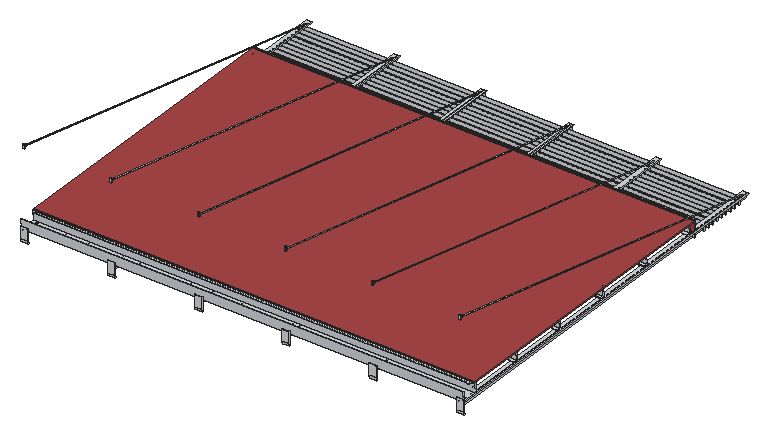
Revit family "GEN_A3-Gate-Canopy", category Specialty Equipment, host Wall, Revit 2015
Parameters (values of type "Gate Canopy")
  Width = 5000 mm
  Louvre Angle = -55.00°
  Length = 6000 mm
  Head Height = 2635 mm
  Assembly Code = ""
  Array = (Width - 200 mm) / 100 mm  # 48
Reference planes
  plane 1 "Wall": y = 0
  plane 2 "Center (Left/Right)": x = -268.2
  plane 3 "Back": y = 230
  plane 4 "right": x = 2131.8
  plane 5 "Left": x = -3868.2
  plane 6 "Extent": y = 5230
  plane 7 "top": z = 2635
  plane 8: y = 4980
  plane 9: y = 4905
  plane 10: y = 4830
  plane 11: y = 4755
  plane 12: y = 4680
  plane 13: y = 4605
  plane 14: y = -35
  plane 15: x = -3918.2
  plane 16: y = 5055
  plane 17 "Top of beam": through (-3919.748, 9.088, 2572.972) normal (0, -0.0872, 0.9962)
  plane 18: z = 2597.5
  plane 19 "Top of purlin": through (-3919.748, 1.23, 2702.781) normal (0, -0.0872, 0.9962)
  plane 20: z = 2562.5
  plane 21: y = 4530
  plane 22: y = 4455
  plane 23: y = 4380
  plane 24: y = 4215
  plane 25: through (0, -1683.212, -1090.546) normal (0, -0.9962, -0.0872)
  plane 26: through (0, -1698.155, -1091.853) normal (0, -0.9962, -0.0872)
  plane 27: through (0, -1668.269, -1089.239) normal (0, -0.9962, -0.0872)
  plane 28: through (0, -1870.601, 1911.847) normal (0, 0.0872, -0.9962)
  plane 29: z = 3635
  plane 30: y = 1040
  plane 31 "1": x = -2668.2
  plane 32 "2": x = -1468.2
  plane 33 "3": x = 931.8
  plane 34: through (-496.4, -1666.298, -1117.805) normal (0, 0.9958, 0.0913)
  plane 35: through (-496.4, -1681.235, -1119.173) normal (0, 0.9958, 0.0913)
  plane 36: through (-496.4, -1651.361, -1116.436) normal (0, 0.9958, 0.0913)
  plane 37: through (-496.4, -1866.039, 1883.792) normal (0, -0.0913, 0.9958)
  plane 38: through (-1521.6, -1666.298, -1117.805) normal (0, -0.9958, -0.0913)
  plane 39: through (-1521.6, -1681.235, -1119.173) normal (0, -0.9958, -0.0913)
  plane 40: through (-1521.6, -1651.361, -1116.436) normal (0, -0.9958, -0.0913)
  plane 41: through (-1521.6, -1866.039, 1883.792) normal (0, 0.0913, -0.9958)
  plane 42: through (-1978, -1683.212, -1090.546) normal (0, 0.9962, 0.0872)
  plane 43: through (-1978, -1698.155, -1091.853) normal (0, 0.9962, 0.0872)
  plane 44: through (-1978, -1668.269, -1089.239) normal (0, 0.9962, 0.0872)
  plane 45: through (-1978, -1870.601, 1911.847) normal (0, -0.0872, 0.9962)
  plane 46: through (2466.8, -1683.205, -1090.54) normal (0, 0.9962, 0.0872)
  plane 47: through (2466.8, -1698.148, -1091.847) normal (0, 0.9962, 0.0872)
  plane 48: through (2466.8, -1668.262, -1089.233) normal (0, 0.9962, 0.0872)
  plane 49: through (2466.8, -1870.591, 1911.853) normal (0, -0.0872, 0.9962)
  plane 50: through (985.2, -1683.205, -1090.54) normal (0, 0.9962, 0.0872)
  plane 51: through (985.2, -1698.148, -1091.847) normal (0, 0.9962, 0.0872)
  plane 52: through (985.2, -1668.262, -1089.233) normal (0, 0.9962, 0.0872)
  plane 53: through (985.2, -1870.591, 1911.853) normal (0, -0.0872, 0.9962)
  plane 54: y = 891
  plane 55: y = 1552
  plane 56: y = 2213
  plane 57: y = 2874
  plane 58: y = 4196
  plane 59: y = 3535
  plane 60: y = 4857
  plane 61: y = 5518
  plane 62: y = 6179
  plane 63: y = 6840
  plane 64: through (0, 149.394, 2569.186) normal (0, -0.0872, 0.9962)
  plane 65: through (0, 153.665, 2520.372) normal (0, -0.0872, 0.9962)
  plane 66: through (0, 74.394, 2562.624) normal (0, -0.0872, 0.9962)
  plane 67: through (0, 78.665, 2513.81) normal (0, -0.0872, 0.9962)
  plane 68: through (0, -0.606, 2556.062) normal (0, -0.0872, 0.9962)
  plane 69: through (0, 3.665, 2507.249) normal (0, -0.0872, 0.9962)
  plane 70: through (0, -75.606, 2549.501) normal (0, -0.0872, 0.9962)
  plane 71: through (0, -71.335, 2500.687) normal (0, -0.0872, 0.9962)
  plane 72: through (0, -150.606, 2542.939) normal (0, -0.0872, 0.9962)
  plane 73: through (0, -146.335, 2494.126) normal (0, -0.0872, 0.9962)
  plane 74: through (0, -225.606, 2536.377) normal (0, -0.0872, 0.9962)
  plane 75: through (0, -221.335, 2487.564) normal (0, -0.0872, 0.9962)
  plane 76: through (0, -300.606, 2529.816) normal (0, -0.0872, 0.9962)
  plane 77: through (0, -296.335, 2481.002) normal (0, -0.0872, 0.9962)
  plane 78: through (0, -375.606, 2523.254) normal (0, -0.0872, 0.9962)
  plane 79: through (0, -371.335, 2474.441) normal (0, -0.0872, 0.9962)
  plane 80: through (0, -450.606, 2516.692) normal (0, -0.0872, 0.9962)
  plane 81: through (0, -446.335, 2467.879) normal (0, -0.0872, 0.9962)
  plane 82: through (0, -600.606, 2503.569) normal (0, -0.0872, 0.9962)
  plane 83: through (0, -596.335, 2454.756) normal (0, -0.0872, 0.9962)
  plane 84: through (0, -525.606, 2510.131) normal (0, -0.0872, 0.9962)
  plane 85: through (0, -521.335, 2461.317) normal (0, -0.0872, 0.9962)
Forms (mm)
  Extrusion 1, solid
    sketch origin (521.8, 0, -82.5) x (0, -1, 0) y (0, 0, 1)
      loop
        line (-238, 2715.621) -> (-238, 2563.2) -> (-243.93, 2529.567) -> (-235.807, 2529.567) -> (-230, 2562.5) -> (-230, 2715.621) -> (-238, 2715.621)
    from -1660 to -1560
  Extrusion 2, solid
    sketch origin (2266.752, 230, -82.5) x (-1, 0, 0) y (0, 0, -1)
      loop
        line (115.725, -2570) -> (104.178, -2570) -> (98.405, -2580) -> (104.178, -2590) -> (115.725, -2590) -> (121.499, -2580) -> (115.725, -2570)
      loop
        line (154.178, -2570) -> (148.405, -2580) -> (154.178, -2590) -> (165.725, -2590) -> (171.499, -2580) -> (165.725, -2570) -> (154.178, -2570)
      loop
        line (115.725, -2700) -> (121.499, -2690) -> (115.725, -2680) -> (104.178, -2680) -> (98.405, -2690) -> (104.178, -2700) -> (115.725, -2700)
      loop
        line (154.178, -2700) -> (165.725, -2700) -> (171.499, -2690) -> (165.725, -2680) -> (154.178, -2680) -> (148.405, -2690) -> (154.178, -2700)
    from -10 to -25
  Extrusion 3, void
    sketch origin (24.513, 235.947, -72.322) x (0, 0.996195, 0.087156) y (0, -0.087156, 0.996195)
      loop
        line (5189.299, 2639) -> (4168.353, 2639) -> (4168.353, 2580) -> (5189.299, 2580) -> (5189.299, 2639)
    from -4865.308 to 3013.2
  Extrusion 4, solid
    sketch origin (-268.2, -40, 31.5) x (0, 1, 0) y (0, 0, 1)
      loop
        line (5100, 2917.683) -> (5100, 2967.308) -> (5095, 2966.871) -> (5095, 2917.683) -> (5100, 2917.683)
    from -3637.5 to 2400
  Extrusion 5, solid
    sketch origin (2131.8, -2745.82, -877.548) x (0, 0.996195, 0.087156) y (0, -0.087156, 0.996195)
      loop
        arc (8035, 3207.321) -> (8020, 3222.321) -> (8005, 3207.321) r 15
        line (8005, 3207.321) -> (8005, 3197.283) -> (8035, 3197.283) -> (8035, 3207.321)
      loop
        circle (8020, 3207.321) r 5
    from 3 to -3
  Extrusion 6, solid
    sketch origin (260, 8215.11, 698.71) x (-1, 0, 0) y (0, 0.087156, -0.996195)
      loop
        line (4090.2, -2582.332) -> (4165.7, -2582.332) -> (4165.7, -2576.332) -> (4131.2, -2576.332) -> (4131.2, -2507.332) -> (4125.2, -2507.332) -> (4125.2, -2576.332) -> (4090.2, -2576.332) -> (4090.2, -2582.332)
    from 2862.837 to 7778.313
  Extrusion 7, solid
    sketch origin (-875, 0, -82.5) x (0, -1, 0) y (0, 0, -1)
      loop
        line (-238, -2715.621) -> (-230, -2715.621) -> (-230, -2562.5) -> (-235.807, -2529.567) -> (-243.93, -2529.567) -> (-238, -2563.2) -> (-238, -2715.621)
    from -3043.2 to -2943.2
  Extrusion 8, solid
    sketch origin (-2016.752, 230, -82.5) x (1, 0, 0) y (0, 0, 1)
      loop
        line (-1870.675, 2570) -> (-1864.901, 2580) -> (-1870.675, 2590) -> (-1882.222, 2590) -> (-1887.995, 2580) -> (-1882.222, 2570) -> (-1870.675, 2570)
      loop
        line (-1832.222, 2570) -> (-1820.675, 2570) -> (-1814.901, 2580) -> (-1820.675, 2590) -> (-1832.222, 2590) -> (-1837.995, 2580) -> (-1832.222, 2570)
      loop
        line (-1870.675, 2700) -> (-1882.222, 2700) -> (-1887.995, 2690) -> (-1882.222, 2680) -> (-1870.675, 2680) -> (-1864.901, 2690) -> (-1870.675, 2700)
      loop
        line (-1832.222, 2700) -> (-1837.995, 2690) -> (-1832.222, 2680) -> (-1820.675, 2680) -> (-1814.901, 2690) -> (-1820.675, 2700) -> (-1832.222, 2700)
    from -10 to -25
  Extrusion 9, solid
    sketch origin (-2668.2, -1873.361, -830.702) x (0, 0.995828, 0.091254) y (0, -0.091254, 0.995828)
      loop
        arc (7175, 3207.321) -> (7160, 3222.321) -> (7145, 3207.321) r 15
        line (7145, 3207.321) -> (7145, 3197.283) -> (7175, 3197.283) -> (7175, 3207.321)
      loop
        circle (7160, 3207.321) r 5
    from 3 to -3
  Extrusion 10, solid
    sketch origin (-678.2, 0, -82.5) x (0, -1, 0) y (0, 0, 1)
      loop
        line (-238, 2715.621) -> (-238, 2563.2) -> (-243.93, 2529.567) -> (-235.807, 2529.567) -> (-230, 2562.5) -> (-230, 2715.621) -> (-238, 2715.621)
    from -1660 to -1560
  Extrusion 11, solid
    sketch origin (1527.818, 230, -82.5) x (-1, 0, 0) y (0, 0, -1)
      loop
        line (576.792, -2570) -> (565.245, -2570) -> (559.471, -2580) -> (565.245, -2590) -> (576.792, -2590) -> (582.565, -2580) -> (576.792, -2570)
      loop
        line (615.245, -2570) -> (609.471, -2580) -> (615.245, -2590) -> (626.792, -2590) -> (632.565, -2580) -> (626.792, -2570) -> (615.245, -2570)
      loop
        line (576.792, -2700) -> (582.565, -2690) -> (576.792, -2680) -> (565.245, -2680) -> (559.471, -2690) -> (565.245, -2700) -> (576.792, -2700)
      loop
        line (615.245, -2700) -> (626.792, -2700) -> (632.565, -2690) -> (626.792, -2680) -> (615.245, -2680) -> (609.471, -2690) -> (615.245, -2700)
    from -10 to -25
  Extrusion 12, solid
    sketch origin (-4278.2, 0, -82.5) x (0, -1, 0) y (0, 0, 1)
      loop
        line (-238, 2715.621) -> (-238, 2563.2) -> (-243.93, 2529.567) -> (-235.807, 2529.567) -> (-230, 2562.5) -> (-230, 2715.621) -> (-238, 2715.621)
    from -1660 to -1560
  Extrusion 13, solid
    sketch origin (-2214.315, 230, -82.5) x (-1, 0, 0) y (0, 0, -1)
      loop
        line (434.658, -2570) -> (423.111, -2570) -> (417.338, -2580) -> (423.111, -2590) -> (434.658, -2590) -> (440.432, -2580) -> (434.658, -2570)
      loop
        line (473.111, -2570) -> (467.338, -2580) -> (473.111, -2590) -> (484.658, -2590) -> (490.432, -2580) -> (484.658, -2570) -> (473.111, -2570)
      loop
        line (434.658, -2700) -> (440.432, -2690) -> (434.658, -2680) -> (423.111, -2680) -> (417.338, -2690) -> (423.111, -2700) -> (434.658, -2700)
      loop
        line (473.111, -2700) -> (484.658, -2700) -> (490.432, -2690) -> (484.658, -2680) -> (473.111, -2680) -> (467.338, -2690) -> (473.111, -2700)
    from -10 to -25
  Extrusion 14, solid
    sketch origin (931.8, -1873.361, -830.702) x (0, 0.995828, 0.091254) y (0, 0.091254, -0.995828)
      loop
        line (7175, -3207.321) -> (7175, -3197.283) -> (7145, -3197.283) -> (7145, -3207.321)
        arc (7145, -3207.321) -> (7160, -3222.321) -> (7175, -3207.321) r 15
      loop
        circle (7160, -3207.321) r 5
    from 3 to -3
  Extrusion 15, solid
    sketch origin (-3868.2, -1889.092, -802.594) x (0, 0.996195, 0.087156) y (0, -0.087156, 0.996195)
      loop
        arc (7175, 3207.321) -> (7160, 3222.321) -> (7145, 3207.321) r 15
        line (7145, 3207.321) -> (7145, 3197.283) -> (7175, 3197.283) -> (7175, 3207.321)
      loop
        circle (7160, 3207.321) r 5
    from 3 to -3
  Extrusion 16, solid
    sketch origin (2131.8, -860, 0) x (0, 1, 0) y (0, 0, 1)
      loop
        arc (1103, 3620) -> (1118, 3635) -> (1103, 3650) r 15
        line (1103, 3650) -> (1093, 3650) -> (1093, 3620) -> (1103, 3620)
      loop
        circle (1103, 3635) r 5
    from 3 to -3
  Extrusion 17, solid
    sketch origin (2499.915, 230, 0) x (1, 0, 0) y (0, 0, 1)
      loop
        line (-381.115, 3610.011) -> (-355.115, 3610.011) -> (-355.115, 3660) -> (-381.115, 3660) -> (-381.115, 3610.011)
    from 0 to -3
  Extrusion 18, solid
    sketch origin (931.8, 0, 0) x (0, 1, 0) y (0, 0, -1)
      loop
        line (243, -3620) -> (233, -3620) -> (233, -3650) -> (243, -3650)
        arc (243, -3650) -> (258, -3635) -> (243, -3620) r 15
      loop
        circle (243, -3635) r 5
    from 3 to -3
  Extrusion 19, solid
    sketch origin (998.315, 230, 0) x (1, 0, 0) y (0, 0, 1)
      loop
        line (-79.515, 3610.011) -> (-53.515, 3610.011) -> (-53.515, 3660) -> (-79.515, 3660) -> (-79.515, 3610.011)
    from 0 to -3
  Extrusion 20, solid
    sketch origin (-2668.2, 0, 0) x (0, 1, 0) y (0, 0, 1)
      loop
        arc (243, 3620) -> (258, 3635) -> (243, 3650) r 15
        line (243, 3650) -> (233, 3650) -> (233, 3620) -> (243, 3620)
      loop
        circle (243, 3635) r 5
    from 3 to -3
  Extrusion 21, solid
    sketch origin (-3506.485, 230, 0) x (1, 0, 0) y (0, 0, 1)
      loop
        line (825.285, 3610.011) -> (851.285, 3610.011) -> (851.285, 3660) -> (825.285, 3660) -> (825.285, 3610.011)
    from 0 to -3
  Extrusion 22, solid
    sketch origin (-3868.2, 0, 0) x (0, 1, 0) y (0, 0, 1)
      loop
        arc (243, 3620) -> (258, 3635) -> (243, 3650) r 15
        line (243, 3650) -> (233, 3650) -> (233, 3620) -> (243, 3620)
      loop
        circle (243, 3635) r 5
    from 3 to -3
  Extrusion 23, solid
    sketch origin (-5008.085, 230, 0) x (1, 0, 0) y (0, 0, 1)
      loop
        line (1126.885, 3610.011) -> (1152.885, 3610.011) -> (1152.885, 3660) -> (1126.885, 3660) -> (1126.885, 3610.011)
    from 0 to -3
  Extrusion 24, solid
    sketch origin (-268.2, -2745.812, -877.541) x (0, 0.996195, 0.087155) y (0, 0.087155, -0.996195)
      loop
        line (8035, -3207.321) -> (8035, -3197.283) -> (8005, -3197.283) -> (8005, -3207.321)
        arc (8005, -3207.321) -> (8020, -3222.321) -> (8035, -3207.321) r 15
      loop
        circle (8020, -3207.321) r 5
    from 3 to -3
  Extrusion 25, solid
    sketch origin (-1878.2, 0, -82.5) x (0, -1, 0) y (0, 0, 1)
      loop
        line (-238, 2715.621) -> (-238, 2563.2) -> (-243.93, 2529.567) -> (-235.807, 2529.567) -> (-230, 2562.5) -> (-230, 2715.621) -> (-238, 2715.621)
    from -1660 to -1560
  Extrusion 26, solid
    sketch origin (26.218, 230, -82.5) x (-1, 0, 0) y (0, 0, -1)
      loop
        line (275.192, -2570) -> (263.645, -2570) -> (257.871, -2580) -> (263.645, -2590) -> (275.192, -2590) -> (280.965, -2580) -> (275.192, -2570)
      loop
        line (313.645, -2570) -> (307.871, -2580) -> (313.645, -2590) -> (325.192, -2590) -> (330.965, -2580) -> (325.192, -2570) -> (313.645, -2570)
      loop
        line (275.192, -2700) -> (280.965, -2690) -> (275.192, -2680) -> (263.645, -2680) -> (257.871, -2690) -> (263.645, -2700) -> (275.192, -2700)
      loop
        line (313.645, -2700) -> (325.192, -2700) -> (330.965, -2690) -> (325.192, -2680) -> (313.645, -2680) -> (307.871, -2690) -> (313.645, -2700)
    from -10 to -25
  Extrusion 27, solid
    sketch origin (-268.2, 0, 0) x (0, 1, 0) y (0, 0, -1)
      loop
        line (243, -3620) -> (233, -3620) -> (233, -3650) -> (243, -3650)
        arc (243, -3650) -> (258, -3635) -> (243, -3620) r 15
      loop
        circle (243, -3635) r 5
    from 3 to -3
  Extrusion 28, solid
    sketch origin (-503.285, 230, 0) x (1, 0, 0) y (0, 0, 1)
      loop
        line (222.085, 3610.011) -> (248.085, 3610.011) -> (248.085, 3660) -> (222.085, 3660) -> (222.085, 3610.011)
    from 0 to -3
  Extrusion 29, solid
    sketch origin (-3078.2, 0, -82.5) x (0, -1, 0) y (0, 0, 1)
      loop
        line (-238, 2715.621) -> (-238, 2563.2) -> (-243.93, 2529.567) -> (-235.807, 2529.567) -> (-230, 2562.5) -> (-230, 2715.621) -> (-238, 2715.621)
    from -1660 to -1560
  Extrusion 30, solid
    sketch origin (-712.715, 230, -82.5) x (-1, 0, 0) y (0, 0, -1)
      loop
        line (736.258, -2570) -> (724.711, -2570) -> (718.938, -2580) -> (724.711, -2590) -> (736.258, -2590) -> (742.032, -2580) -> (736.258, -2570)
      loop
        line (774.711, -2570) -> (768.938, -2580) -> (774.711, -2590) -> (786.258, -2590) -> (792.032, -2580) -> (786.258, -2570) -> (774.711, -2570)
      loop
        line (736.258, -2700) -> (742.032, -2690) -> (736.258, -2680) -> (724.711, -2680) -> (718.938, -2690) -> (724.711, -2700) -> (736.258, -2700)
      loop
        line (774.711, -2700) -> (786.258, -2700) -> (792.032, -2690) -> (786.258, -2680) -> (774.711, -2680) -> (768.938, -2690) -> (774.711, -2700)
    from -10 to -25
  Extrusion 31, solid
    sketch origin (-1468.2, -1889.085, -802.588) x (0, 0.996195, 0.087155) y (0, 0.087155, -0.996195)
      loop
        line (7175, -3207.321) -> (7175, -3197.283) -> (7145, -3197.283) -> (7145, -3207.321)
        arc (7145, -3207.321) -> (7160, -3222.321) -> (7175, -3207.321) r 15
      loop
        circle (7160, -3207.321) r 5
    from 3 to -3
  Extrusion 32, solid
    sketch origin (-1468.2, 0, 0) x (0, 1, 0) y (0, 0, -1)
      loop
        line (243, -3620) -> (233, -3620) -> (233, -3650) -> (243, -3650)
        arc (243, -3650) -> (258, -3635) -> (243, -3620) r 15
      loop
        circle (243, -3635) r 5
    from 3 to -3
  Extrusion 33, solid
    sketch origin (-2004.885, 230, 0) x (1, 0, 0) y (0, 0, 1)
      loop
        line (523.685, 3610.011) -> (549.685, 3610.011) -> (549.685, 3660) -> (523.685, 3660) -> (523.685, 3610.011)
    from 0 to -3
  Sweep 34, solid
    path origin (-1769.8, 5055, 3018.541) x (0, -0.991894, 0.12707) y (1, 0, 0)
      loop
        line (4846.318, -898.4) -> (-2.356, -898.4)
    profile "Profile_Circle : 10mm Dia" origin (-2668.2, 2652.652, 3326.302) x (-1, 0, 0) y (0, 0.12707, 0.991894)
      loop
        circle (0, 0) r 5
  Sweep 35, solid
    path origin (-268.2, 5055, 3018.541) x (0, -0.991894, 0.12707) y (1, 0, 0)
      loop
        line (4846.318, -1200) -> (-2.356, -1200)
    profile "Profile_Circle : 10mm Dia" origin (-1468.2, 2652.652, 3326.302) x (-1, 0, 0) y (0, 0.12707, 0.991894)
      loop
        circle (0, 0) r 5
  Sweep 36, solid
    path origin (1233.4, 5055, 3018.541) x (0, -0.991894, 0.12707) y (1, 0, 0)
      loop
        line (4846.318, -1501.6) -> (-3.682, -1501.6)
    profile "Profile_Circle : 10mm Dia" origin (-268.2, 2653.31, 3326.218) x (-1, 0, 0) y (0, 0.12707, 0.991894)
      loop
        circle (0, 0) r 5
  Sweep 37, solid
    path origin (2735, 5055, 3018.541) x (0, -0.991894, 0.12707) y (1, 0, 0)
      loop
        line (4846.318, -1803.2) -> (-2.356, -1803.2)
    profile "Profile_Circle : 10mm Dia" origin (931.8, 2652.652, 3326.302) x (-1, 0, 0) y (0, 0.12707, 0.991894)
      loop
        circle (0, 0) r 5
  Sweep 38, solid
    path origin (4236.6, 5055, 3018.541) x (0, -0.991894, 0.12707) y (1, 0, 0)
      loop
        line (4846.318, -2104.8) -> (-2.356, -2104.8)
    profile "Profile_Circle : 10mm Dia" origin (2131.8, 2652.652, 3326.302) x (-1, 0, 0) y (0, 0.12707, 0.991894)
      loop
        circle (0, 0) r 5
  Extrusion 39, solid, material "Canopy Roof"
    sketch origin (0, -234.657, 2682.143) x (1, 0, 0) y (0, 0.996195, 0.087156)
      loop
        line (-3905.7, 679.246) -> (2169.3, 679.246) -> (2169.3, 4464.615) -> (-3905.7, 4464.615) -> (-3905.7, 679.246)
    from 0 to 16
  Extrusion 40, solid
    sketch origin (7668, 8215.11, 698.71) x (-1, 0, 0) y (0, 0.087156, -0.996195)
      loop
        line (5498.2, -2582.332) -> (5573.7, -2582.332) -> (5573.7, -2576.332) -> (5539.2, -2576.332) -> (5539.2, -2507.332) -> (5533.2, -2507.332) -> (5533.2, -2576.332) -> (5498.2, -2576.332) -> (5498.2, -2582.332)
    from 2862.837 to 7778.313
  Extrusion 41, solid
    sketch origin (1741.6, 8215.11, 698.71) x (-1, 0, 0) y (0, 0.087156, -0.996195)
      loop
        line (4371.8, -2582.332) -> (4447.3, -2582.332) -> (4447.3, -2576.332) -> (4412.8, -2576.332) -> (4412.8, -2507.332) -> (4406.8, -2507.332) -> (4406.8, -2576.332) -> (4371.8, -2576.332) -> (4371.8, -2582.332)
    from 2862.837 to 7778.313
  Extrusion 42, solid
    sketch origin (3223.2, 8215.11, 698.71) x (-1, 0, 0) y (0, 0.087156, -0.996195)
      loop
        line (4653.4, -2582.332) -> (4728.9, -2582.332) -> (4728.9, -2576.332) -> (4694.4, -2576.332) -> (4694.4, -2507.332) -> (4688.4, -2507.332) -> (4688.4, -2576.332) -> (4653.4, -2576.332) -> (4653.4, -2582.332)
    from 2862.837 to 7778.313
  Extrusion 43, solid
    sketch origin (4704.8, 8215.11, 698.71) x (-1, 0, 0) y (0, 0.087156, -0.996195)
      loop
        line (4935, -2582.332) -> (5010.5, -2582.332) -> (5010.5, -2576.332) -> (4976, -2576.332) -> (4976, -2507.332) -> (4970, -2507.332) -> (4970, -2576.332) -> (4935, -2576.332) -> (4935, -2582.332)
    from 2862.837 to 7778.313
  Extrusion 44, solid
    sketch origin (6186.4, 8215.11, 698.71) x (-1, 0, 0) y (0, 0.087156, -0.996195)
      loop
        line (5216.6, -2582.332) -> (5292.1, -2582.332) -> (5292.1, -2576.332) -> (5257.6, -2576.332) -> (5257.6, -2507.332) -> (5251.6, -2507.332) -> (5251.6, -2576.332) -> (5216.6, -2576.332) -> (5216.6, -2582.332)
    from 2862.837 to 7778.313
  Extrusion 45, solid
    sketch origin (-268.2, -115, 24.938) x (0, 1, 0) y (0, 0, 1)
      loop
        line (5100, 2917.683) -> (5100, 2967.308) -> (5095, 2966.871) -> (5095, 2917.683) -> (5100, 2917.683)
    from -3637.5 to 2438
  Extrusion 46, solid
    sketch origin (-268.2, -190, 18.377) x (0, 1, 0) y (0, 0, 1)
      loop
        line (5100, 2917.683) -> (5100, 2967.308) -> (5095, 2966.871) -> (5095, 2917.683) -> (5100, 2917.683)
    from -3637.5 to 2438
  Extrusion 47, solid
    sketch origin (-268.2, -265, 11.815) x (0, 1, 0) y (0, 0, 1)
      loop
        line (5100, 2917.683) -> (5100, 2967.308) -> (5095, 2966.871) -> (5095, 2917.683) -> (5100, 2917.683)
    from -3637.5 to 2438
  Extrusion 48, solid
    sketch origin (-268.2, -340, 5.253) x (0, 1, 0) y (0, 0, 1)
      loop
        line (5100, 2917.683) -> (5100, 2967.308) -> (5095, 2966.871) -> (5095, 2917.683) -> (5100, 2917.683)
    from -3637.5 to 2438
  Extrusion 49, solid
    sketch origin (-268.2, -415, -1.308) x (0, 1, 0) y (0, 0, 1)
      loop
        line (5100, 2917.683) -> (5100, 2967.308) -> (5095, 2966.871) -> (5095, 2917.683) -> (5100, 2917.683)
    from -3637.5 to 2438
  Extrusion 50, solid
    sketch origin (-268.2, -490, -7.87) x (0, 1, 0) y (0, 0, 1)
      loop
        line (5100, 2917.683) -> (5100, 2967.308) -> (5095, 2966.871) -> (5095, 2917.683) -> (5100, 2917.683)
    from -3637.5 to 2438
  Extrusion 51, solid
    sketch origin (-268.2, -565, -14.432) x (0, 1, 0) y (0, 0, 1)
      loop
        line (5100, 2917.683) -> (5100, 2967.308) -> (5095, 2966.871) -> (5095, 2917.683) -> (5100, 2917.683)
    from -3637.5 to 2438
  Extrusion 52, solid
    sketch origin (-268.2, -640, -20.993) x (0, 1, 0) y (0, 0, 1)
      loop
        line (5100, 2917.683) -> (5100, 2967.308) -> (5095, 2966.871) -> (5095, 2917.683) -> (5100, 2917.683)
    from -3637.5 to 2438
  Extrusion 53, solid
    sketch origin (-268.2, -790, -34.116) x (0, 1, 0) y (0, 0, 1)
      loop
        line (5010, 2909.809) -> (5010, 2959.434) -> (5005, 2958.997) -> (5005, 2909.809) -> (5010, 2909.809)
    from -3637.5 to 2438
  Extrusion 54, solid
    sketch origin (-268.2, -715, -27.555) x (0, 1, 0) y (0, 0, 1)
      loop
        line (5100, 2917.683) -> (5100, 2967.308) -> (5095, 2966.871) -> (5095, 2917.683) -> (5100, 2917.683)
    from -3637.5 to 2438
  Sweep 55, solid
    path origin (-3251.4, 5055, 3018.541) x (0, -0.991894, 0.12707) y (1, 0, 0)
      loop
        line (4846.318, -616.8) -> (-1.46, -616.8)
    profile "Profile_Circle : 10mm Dia" origin (-3868.2, 2652.208, 3326.359) x (-1, 0, 0) y (0, 0.12707, 0.991894)
      loop
        circle (0, 0) r 5
  Sweep 56, solid
    path origin (0, -480.83, 2542.601) x (1, 0, 0) y (0, 0.996195, 0.087156)
      loop
        line (2169.8, 829.164) -> (-3905.7, 829.164)
    profile origin (-867.95, 345.178, 2614.867) x (0, -0.996195, -0.087156) y (0, -0.087156, 0.996195)
      loop
        line (-109.667, 116.856) -> (-109.667, -12.444) -> (105.333, -12.444) -> (105.333, 117.556) -> (97.333, 116.856) -> (97.333, -4.444) -> (-101.667, -4.444) -> (-101.667, 117.556) -> (-109.667, 116.856)
  Sweep 57, solid
    path origin (0, 206.901, 2017.689) x (1, 0, 0) y (0, 0.996195, 0.087156)
      loop
        line (-3868.2, 295.278) -> (2131.8, 295.278)
    profile origin (-868.2, 501.056, 2043.424) x (0, 0.996195, 0.087156) y (0, -0.087156, 0.996195)
      loop
        line (-38.5, 570.41) -> (12.5, 570.41) -> (12.5, 700.41) -> (-38.5, 700.41) -> (-38.5, 694.41) -> (6.5, 694.41) -> (6.5, 576.41) -> (-38.5, 576.41) -> (-38.5, 570.41)
  Sweep 58, solid
    path origin (0, 3928.51, 2343.288) x (1, 0, 0) y (0, 0.996195, 0.087156)
      loop
        line (-3868.2, 295.278) -> (2131.8, 295.278)
    profile origin (-868.2, 4222.665, 2369.023) x (0, 0.996195, 0.087156) y (0, -0.087156, 0.996195)
      loop
        line (-38.5, 570.41) -> (12.5, 570.41) -> (12.5, 700.41) -> (-38.5, 700.41) -> (-38.5, 694.41) -> (6.5, 694.41) -> (6.5, 576.41) -> (-38.5, 576.41) -> (-38.5, 570.41)
  Sweep 59, solid
    path origin (0, 951.223, 2082.809) x (1, 0, 0) y (0, 0.996195, 0.087156)
      loop
        line (-3868.2, 295.278) -> (2131.8, 295.278)
    profile origin (-868.2, 1245.378, 2108.544) x (0, 0.996195, 0.087156) y (0, -0.087156, 0.996195)
      loop
        line (-38.5, 570.41) -> (12.5, 570.41) -> (12.5, 700.41) -> (-38.5, 700.41) -> (-38.5, 694.41) -> (6.5, 694.41) -> (6.5, 576.41) -> (-38.5, 576.41) -> (-38.5, 570.41)
  Sweep 60, solid
    path origin (0, 1695.545, 2147.928) x (1, 0, 0) y (0, 0.996195, 0.087156)
      loop
        line (-3868.2, 295.278) -> (2131.8, 295.278)
    profile origin (-868.2, 1989.699, 2173.664) x (0, 0.996195, 0.087156) y (0, -0.087156, 0.996195)
      loop
        line (-38.5, 570.41) -> (12.5, 570.41) -> (12.5, 700.41) -> (-38.5, 700.41) -> (-38.5, 694.41) -> (6.5, 694.41) -> (6.5, 576.41) -> (-38.5, 576.41) -> (-38.5, 570.41)
  Sweep 61, solid
    path origin (0, 2439.867, 2213.048) x (1, 0, 0) y (0, 0.996195, 0.087156)
      loop
        line (-3868.2, 295.278) -> (2131.8, 295.278)
    profile origin (-868.2, 2734.021, 2238.783) x (0, 0.996195, 0.087156) y (0, -0.087156, 0.996195)
      loop
        line (-38.5, 570.41) -> (12.5, 570.41) -> (12.5, 700.41) -> (-38.5, 700.41) -> (-38.5, 694.41) -> (6.5, 694.41) -> (6.5, 576.41) -> (-38.5, 576.41) -> (-38.5, 570.41)
  Sweep 62, solid
    path origin (0, 3184.188, 2278.168) x (1, 0, 0) y (0, 0.996195, 0.087156)
      loop
        line (-3868.2, 295.278) -> (2131.8, 295.278)
    profile origin (-868.2, 3478.343, 2303.903) x (0, 0.996195, 0.087156) y (0, -0.087156, 0.996195)
      loop
        line (-38.5, 570.41) -> (12.5, 570.41) -> (12.5, 700.41) -> (-38.5, 700.41) -> (-38.5, 694.41) -> (6.5, 694.41) -> (6.5, 576.41) -> (-38.5, 576.41) -> (-38.5, 570.41)
  Sweep 63, solid, material "Canopy Roof"
    path origin (0, 0, 0) x (1, 0, 0) y (0, 1, 0)
      loop
        line (-3905.7, 4211.574) -> (2169.3, 4211.574)
    profile origin (-868.2, 4211.574, 0) x (0, 1, 0) y (0, 0, 1)
      loop
        line (0, 3087.199) -> (0, 2948.672) -> (16, 2950.072) -> (16, 3088.599) -> (0, 3087.199)
Cuts and joins
  Extrusion 3 cuts Extrusion 6
Lines and regions (mm)
  model lines
    curve 1: line (2131.8, 230, 2630) -> (2131.8, 230, 2590)
    curve 3: line (931.8, 230, 2630) -> (931.8, 230, 2590)
    curve 4: line (-2668.2, 230, 2630) -> (-2668.2, 230, 2590)
    curve 5: line (-3868.2, 230, 2630) -> (-3868.2, 230, 2590)
    curve 6: line (-268.2, 230, 2630) -> (-268.2, 230, 2590)
    curve 7: line (-1468.2, 230, 2630) -> (-1468.2, 230, 2590)
  reference lines
    curve 2: line (-268.2, 5055, 3018.541) -> (-268.2, 243, 3635)
Text (mm)
  text "Placement side" at (-385.702, -459.562, 0), in view "Ref. Level"
  text "Placement side" at (0, 1409.804, 3211.553), in view "Left"
  text "Placement side" at (0, 499.811, 2980.732), in view "Right"
Dimensions and locks
  plane 3 "Back" to host wall = 0 mm
  plane 5 "Left" to plane 31 "1" to plane 32 "2" to plane 4 "right" = 1200 mm, 1200 mm, 3600 mm
  "Length": plane 5 "Left" to plane 4 "right"
  "Width": plane 3 "Back" to plane 6 "Extent"
  locked: plane 5 "Left" to plane 15 at 50
  plane 6 "Extent" to plane 16 to plane 8 to plane 9 to plane 10 to plane 11 to plane 12 to plane 13 to plane 21 to plane 22 to plane 23 to plane 24 to host wall = 175 mm locked, 75 mm locked, 75 mm locked, 75 mm locked, 75 mm locked, 75 mm locked, 75 mm locked, 75 mm locked, 75 mm locked, 75 mm locked, 165 mm, 3985 mm
  plane 18 to plane 7 "top" = 37.5 mm
  locked: Extrusion 4 sketch curve to Extrusion 4 sketch curve at 5
  locked: Extrusion 6 sketch curve to Extrusion 6 sketch curve at 6
  locked: Extrusion 7 to Extrusion 7 at 100
  "Head Height": level to plane 7 "top"
  plane 7 "top" to plane 29 = 1000 mm
  plane 5 "Left" to plane 31 "1" to plane 32 "2" to plane 2 "Center (Left/Right)" to plane 33 "3" to plane 4 "right" = 1200 mm, 1200 mm, 1200 mm, 1200 mm, 1200 mm
  Extrusion 16 to Extrusion 16 = 30 mm
  Extrusion 18 to Extrusion 18 = 30 mm
  Extrusion 20 to Extrusion 20 = 30 mm
  Extrusion 22 to Extrusion 22 = 30 mm
  plane 63 to host wall = 6610 mm
  equal spacing: plane 63, plane 62, plane 61, plane 60, plane 58, plane 59, plane 57, plane 56, plane 55, plane 54, host wall
  plane 17 "Top of beam" to Extrusion 39 = 130 mm
  locked: Extrusion 40 sketch curve to Extrusion 40 sketch curve at 6
  locked: Extrusion 41 sketch curve to Extrusion 41 sketch curve at 6
  locked: Extrusion 42 sketch curve to Extrusion 42 sketch curve at 6
  locked: Extrusion 43 sketch curve to Extrusion 43 sketch curve at 6
  locked: Extrusion 44 sketch curve to Extrusion 44 sketch curve at 6
  locked: Extrusion 45 sketch curve to Extrusion 45 sketch curve at 5
  locked: Extrusion 46 sketch curve to Extrusion 46 sketch curve at 5
  locked: Extrusion 47 sketch curve to Extrusion 47 sketch curve at 5
  locked: Extrusion 48 sketch curve to Extrusion 48 sketch curve at 5
  locked: Extrusion 49 sketch curve to Extrusion 49 sketch curve at 5
  locked: Extrusion 50 sketch curve to Extrusion 50 sketch curve at 5
  locked: Extrusion 51 sketch curve to Extrusion 51 sketch curve at 5
  locked: Extrusion 52 sketch curve to Extrusion 52 sketch curve at 5
  locked: Extrusion 53 sketch curve to Extrusion 53 sketch curve at 5
  locked: Extrusion 54 sketch curve to Extrusion 54 sketch curve at 5
  equal spacing: group 1, group 3, group 4, group 5, group 6, group 2  (x3)
  aligned and locked: host wall to plane 1 "Wall"
  aligned and locked: Extrusion 7 to plane 15
  aligned and locked: plane 4 "right" to Extrusion 4
  aligned and locked: plane 4 "right" to Sweep 38 sketch curve
  aligned and locked: plane 5 "Left" to Sweep 55 sketch curve
  aligned and locked: plane 31 "1" to Sweep 34 sketch curve
  aligned and locked: Sweep 35 sketch curve to plane 32 "2"
  aligned and locked: Extrusion 40 to Extrusion 46
  aligned and locked: Extrusion 40 to Extrusion 45
  aligned and locked: Extrusion 40 to Extrusion 47
  aligned and locked: Extrusion 40 to Extrusion 48
  aligned and locked: Extrusion 40 to Extrusion 49
  aligned and locked: Extrusion 40 to Extrusion 50
  aligned and locked: Extrusion 40 to Extrusion 51
  aligned and locked: Extrusion 40 to Extrusion 52
  aligned and locked: Extrusion 40 to Extrusion 54
  aligned and locked: Extrusion 40 to Extrusion 53
  aligned and locked: Sweep 37 sketch curve to plane 33 "3"
Automatic sketch dimensions
  profile plane to Sweep 57 sketch curve = 38.5 mm  (x2)
  Sweep 57 sketch curve to profile plane = 6.5 mm
  Sweep 57 sketch curve to Sweep 57 sketch curve = 6 mm  (x3)
  Sweep 57 sketch curve to Sweep 57 sketch curve = 118 mm
  profile plane to Sweep 57 sketch curve = 570.41 mm
  Sweep 57 sketch curve to Sweep 57 sketch curve = 6000 mm
  profile plane to Sweep 58 sketch curve = 38.5 mm  (x2)
  Sweep 58 sketch curve to profile plane = 6.5 mm
  Sweep 58 sketch curve to Sweep 58 sketch curve = 6 mm  (x3)
  Sweep 58 sketch curve to Sweep 58 sketch curve = 118 mm
  profile plane to Sweep 58 sketch curve = 570.41 mm
  Sweep 58 sketch curve to Sweep 58 sketch curve = 6000 mm
  profile plane to Sweep 59 sketch curve = 38.5 mm  (x2)
  Sweep 59 sketch curve to profile plane = 6.5 mm
  Sweep 59 sketch curve to Sweep 59 sketch curve = 6 mm  (x3)
  Sweep 59 sketch curve to Sweep 59 sketch curve = 118 mm
  profile plane to Sweep 59 sketch curve = 570.41 mm
  Sweep 59 sketch curve to Sweep 59 sketch curve = 6000 mm
  profile plane to Sweep 60 sketch curve = 38.5 mm  (x2)
  Sweep 60 sketch curve to profile plane = 6.5 mm
  Sweep 60 sketch curve to Sweep 60 sketch curve = 6 mm  (x3)
  Sweep 60 sketch curve to Sweep 60 sketch curve = 118 mm
  profile plane to Sweep 60 sketch curve = 570.41 mm
  Sweep 60 sketch curve to Sweep 60 sketch curve = 6000 mm
  profile plane to Sweep 61 sketch curve = 38.5 mm  (x2)
  Sweep 61 sketch curve to profile plane = 6.5 mm
  Sweep 61 sketch curve to Sweep 61 sketch curve = 6 mm  (x3)
  Sweep 61 sketch curve to Sweep 61 sketch curve = 118 mm
  profile plane to Sweep 61 sketch curve = 570.41 mm
  Sweep 61 sketch curve to Sweep 61 sketch curve = 6000 mm
  profile plane to Sweep 62 sketch curve = 38.5 mm  (x2)
  Sweep 62 sketch curve to profile plane = 6.5 mm
  Sweep 62 sketch curve to Sweep 62 sketch curve = 6 mm  (x3)
  Sweep 62 sketch curve to Sweep 62 sketch curve = 118 mm
  profile plane to Sweep 62 sketch curve = 570.41 mm
  Sweep 62 sketch curve to Sweep 62 sketch curve = 6000 mm
  Extrusion 2 sketch curve to plane 18 = 0 mm  (x2)
  Extrusion 2 sketch curve to plane 4 "right" = 36.547 mm  (x2)
  Extrusion 2 sketch curve to plane 18 = 10 mm  (x4)
  Extrusion 2 sketch curve to Extrusion 2 sketch curve = 5.774 mm  (x12)
  Extrusion 2 sketch curve to Extrusion 2 sketch curve = 11.547 mm  (x8)
  plane 4 "right" to Extrusion 2 sketch curve = 13.453 mm  (x2)
  Extrusion 2 sketch curve to plane 20 = 55 mm
  Extrusion 2 sketch curve to Extrusion 2 sketch curve = 0 mm
  Extrusion 2 sketch curve to Extrusion 2 sketch curve = 10 mm  (x8)
  Extrusion 3 sketch curve to plane 17 "Top of beam" = 16 mm
  plane 58 to Extrusion 3 sketch curve = 37.565 mm
  Extrusion 3 sketch curve to plane 17 "Top of beam" = 75 mm
  Extrusion 3 sketch curve to Extrusion 3 sketch curve = 1020.946 mm
  curve 5 to plane 5 "Left" = 0 mm
  curve 4 to plane 31 "1" = 0 mm
  curve 7 to plane 32 "2" = 0 mm
  curve 6 to plane 2 "Center (Left/Right)" = 0 mm
  curve 3 to plane 33 "3" = 0 mm
  curve 1 to plane 4 "right" = 0 mm
  curve 7 to plane 18 = 7.5 mm
  curve 1 to plane 18 = 7.5 mm
  curve 5 to plane 18 = 7.5 mm
  curve 3 to plane 18 = 7.5 mm
  curve 4 to plane 18 = 7.5 mm
  curve 6 to plane 18 = 7.5 mm
  curve 3 to plane 7 "top" = 5 mm
  curve 6 to plane 7 "top" = 5 mm
  curve 5 to plane 7 "top" = 5 mm
  curve 4 to plane 7 "top" = 5 mm
  curve 7 to plane 7 "top" = 5 mm
  curve 1 to plane 7 "top" = 5 mm
  Extrusion 4 sketch curve to plane 16 = 0 mm
  Extrusion 4 sketch curve to plane 65 = 0 mm
  Extrusion 4 sketch curve to plane 64 = 0 mm  (x2)
  Extrusion 6 sketch curve to plane 17 "Top of beam" = 0 mm
  Extrusion 6 sketch curve to plane 17 "Top of beam" = 6 mm
  plane 5 "Left" to Extrusion 6 sketch curve = 38 mm
  plane 5 "Left" to Extrusion 6 sketch curve = 3 mm
  Extrusion 6 sketch curve to plane 5 "Left" = 3 mm
  plane 15 to Extrusion 6 sketch curve = 12.5 mm
  Extrusion 6 sketch curve to Extrusion 6 sketch curve = 69 mm
  Extrusion 7 sketch curve to host wall = 0 mm
  host wall to Extrusion 7 sketch curve = 5.807 mm
  host wall to Extrusion 7 sketch curve = 8 mm
  Extrusion 7 sketch curve to Extrusion 7 sketch curve = 8.123 mm
  Extrusion 7 sketch curve to plane 7 "top" = 1.879 mm
  plane 20 to Extrusion 7 sketch curve = 81.8 mm
  Extrusion 7 sketch curve to Extrusion 7 sketch curve = 0.7 mm
  Extrusion 7 sketch curve to Extrusion 7 sketch curve = 32.933 mm
  Extrusion 8 sketch curve to plane 18 = 0 mm  (x2)
  plane 15 to Extrusion 8 sketch curve = 13.453 mm  (x2)
  Extrusion 8 sketch curve to Extrusion 8 sketch curve = 5.774 mm  (x12)
  Extrusion 8 sketch curve to Extrusion 8 sketch curve = 11.547 mm  (x8)
  plane 5 "Left" to Extrusion 8 sketch curve = 13.453 mm  (x2)
  plane 18 to Extrusion 8 sketch curve = 10 mm  (x4)
  plane 20 to Extrusion 8 sketch curve = 55 mm
  Extrusion 8 sketch curve to Extrusion 8 sketch curve = 0 mm
  Extrusion 8 sketch curve to Extrusion 8 sketch curve = 10 mm  (x8)
  Extrusion 11 sketch curve to plane 18 = 0 mm  (x2)
  plane 33 "3" to Extrusion 11 sketch curve = 36.547 mm  (x2)
  Extrusion 11 sketch curve to plane 18 = 10 mm  (x4)
  Extrusion 11 sketch curve to Extrusion 11 sketch curve = 5.774 mm  (x12)
  Extrusion 11 sketch curve to Extrusion 11 sketch curve = 11.547 mm  (x8)
  Extrusion 11 sketch curve to plane 33 "3" = 13.453 mm  (x2)
  Extrusion 11 sketch curve to plane 20 = 55 mm
  Extrusion 11 sketch curve to Extrusion 11 sketch curve = 0 mm
  Extrusion 11 sketch curve to Extrusion 11 sketch curve = 10 mm  (x8)
  Extrusion 13 sketch curve to plane 18 = 0 mm  (x2)
  Extrusion 13 sketch curve to plane 31 "1" = 36.547 mm  (x2)
  Extrusion 13 sketch curve to plane 18 = 10 mm  (x4)
  Extrusion 13 sketch curve to Extrusion 13 sketch curve = 5.774 mm  (x12)
  Extrusion 13 sketch curve to Extrusion 13 sketch curve = 11.547 mm  (x8)
  plane 31 "1" to Extrusion 13 sketch curve = 13.453 mm  (x2)
  Extrusion 13 sketch curve to plane 20 = 55 mm
  Extrusion 13 sketch curve to Extrusion 13 sketch curve = 0 mm
  Extrusion 13 sketch curve to Extrusion 13 sketch curve = 10 mm  (x8)
  Extrusion 16 sketch curve to Extrusion 16 sketch curve = 0 mm  (x2)
  Extrusion 16 sketch curve to plane 29 = 0 mm
  host wall to Extrusion 16 sketch curve = 3 mm
  host wall to Extrusion 16 sketch curve = 13 mm
  plane 29 to Extrusion 16 sketch curve = 15 mm
  Extrusion 17 sketch curve to plane 4 "right" = 13 mm
  plane 4 "right" to Extrusion 17 sketch curve = 13 mm
  plane 29 to Extrusion 17 sketch curve = 24.989 mm
  Extrusion 17 sketch curve to plane 29 = 25 mm
  Extrusion 18 sketch curve to Extrusion 18 sketch curve = 0 mm  (x2)
  Extrusion 18 sketch curve to plane 29 = 0 mm
  Extrusion 18 sketch curve to host wall = 3 mm
  Extrusion 18 sketch curve to host wall = 13 mm
  Extrusion 18 sketch curve to plane 29 = 15 mm
  plane 33 "3" to Extrusion 19 sketch curve = 13 mm
  Extrusion 19 sketch curve to plane 33 "3" = 13 mm
  plane 29 to Extrusion 19 sketch curve = 24.989 mm
  Extrusion 19 sketch curve to plane 29 = 25 mm
  Extrusion 20 sketch curve to Extrusion 20 sketch curve = 0 mm  (x2)
  Extrusion 20 sketch curve to plane 29 = 0 mm
  host wall to Extrusion 20 sketch curve = 3 mm
  host wall to Extrusion 20 sketch curve = 13 mm
  plane 29 to Extrusion 20 sketch curve = 15 mm
  Extrusion 21 sketch curve to plane 31 "1" = 13 mm
  plane 31 "1" to Extrusion 21 sketch curve = 13 mm
  plane 29 to Extrusion 21 sketch curve = 24.989 mm
  Extrusion 21 sketch curve to plane 29 = 25 mm
  Extrusion 22 sketch curve to Extrusion 22 sketch curve = 0 mm  (x2)
  Extrusion 22 sketch curve to plane 29 = 0 mm
  host wall to Extrusion 22 sketch curve = 3 mm
  host wall to Extrusion 22 sketch curve = 13 mm
  plane 29 to Extrusion 22 sketch curve = 15 mm
  Extrusion 23 sketch curve to plane 5 "Left" = 13 mm
  plane 5 "Left" to Extrusion 23 sketch curve = 13 mm
  plane 29 to Extrusion 23 sketch curve = 24.989 mm
  Extrusion 23 sketch curve to plane 29 = 25 mm
  Extrusion 25 sketch curve to host wall = 0 mm
  host wall to Extrusion 25 sketch curve = 5.807 mm
  host wall to Extrusion 25 sketch curve = 8 mm
  Extrusion 25 sketch curve to Extrusion 25 sketch curve = 8.123 mm
  plane 20 to Extrusion 25 sketch curve = 115.433 mm
  Extrusion 25 sketch curve to Extrusion 25 sketch curve = 32.933 mm
  Extrusion 25 sketch curve to Extrusion 25 sketch curve = 0.7 mm
  Extrusion 25 sketch curve to plane 7 "top" = 1.879 mm
  Extrusion 26 sketch curve to plane 18 = 0 mm  (x2)
  Extrusion 26 sketch curve to plane 2 "Center (Left/Right)" = 36.547 mm  (x2)
  Extrusion 26 sketch curve to plane 18 = 10 mm  (x4)
  Extrusion 26 sketch curve to Extrusion 26 sketch curve = 5.774 mm  (x12)
  Extrusion 26 sketch curve to Extrusion 26 sketch curve = 11.547 mm  (x8)
  plane 2 "Center (Left/Right)" to Extrusion 26 sketch curve = 13.453 mm  (x2)
  Extrusion 26 sketch curve to plane 20 = 55 mm
  Extrusion 26 sketch curve to Extrusion 26 sketch curve = 0 mm
  Extrusion 26 sketch curve to Extrusion 26 sketch curve = 10 mm  (x8)
  Extrusion 27 sketch curve to Extrusion 27 sketch curve = 0 mm  (x2)
  Extrusion 27 sketch curve to plane 29 = 0 mm
  host wall to Extrusion 27 sketch curve = 3 mm
  host wall to Extrusion 27 sketch curve = 13 mm
  Extrusion 27 sketch curve to plane 29 = 15 mm
  Extrusion 28 sketch curve to plane 2 "Center (Left/Right)" = 13 mm
  plane 2 "Center (Left/Right)" to Extrusion 28 sketch curve = 13 mm
  plane 29 to Extrusion 28 sketch curve = 24.989 mm
  Extrusion 28 sketch curve to plane 29 = 25 mm
  Extrusion 30 sketch curve to plane 18 = 0 mm  (x2)
  plane 32 "2" to Extrusion 30 sketch curve = 36.547 mm  (x2)
  Extrusion 30 sketch curve to plane 18 = 10 mm  (x4)
  Extrusion 30 sketch curve to Extrusion 30 sketch curve = 5.774 mm  (x12)
  Extrusion 30 sketch curve to Extrusion 30 sketch curve = 11.547 mm  (x8)
  Extrusion 30 sketch curve to plane 32 "2" = 13.453 mm  (x2)
  Extrusion 30 sketch curve to plane 20 = 55 mm
  Extrusion 30 sketch curve to Extrusion 30 sketch curve = 0 mm
  Extrusion 30 sketch curve to Extrusion 30 sketch curve = 10 mm  (x8)
  Extrusion 32 sketch curve to Extrusion 32 sketch curve = 0 mm  (x2)
  Extrusion 32 sketch curve to plane 29 = 0 mm
  Extrusion 32 sketch curve to host wall = 3 mm
  Extrusion 32 sketch curve to host wall = 13 mm
  Extrusion 32 sketch curve to plane 29 = 15 mm
  plane 32 "2" to Extrusion 33 sketch curve = 13 mm
  Extrusion 33 sketch curve to plane 32 "2" = 13 mm
  plane 29 to Extrusion 33 sketch curve = 24.989 mm
  Extrusion 33 sketch curve to plane 29 = 25 mm
  Extrusion 40 sketch curve to plane 17 "Top of beam" = 0 mm
  Extrusion 40 sketch curve to plane 17 "Top of beam" = 6 mm
  plane 4 "right" to Extrusion 40 sketch curve = 38 mm
  plane 4 "right" to Extrusion 40 sketch curve = 3 mm
  Extrusion 40 sketch curve to plane 4 "right" = 3 mm
  Extrusion 40 sketch curve to Extrusion 40 sketch curve = 34.5 mm
  Extrusion 40 sketch curve to Extrusion 40 sketch curve = 69 mm
  Extrusion 41 sketch curve to plane 17 "Top of beam" = 0 mm
  Extrusion 41 sketch curve to plane 17 "Top of beam" = 6 mm
  plane 31 "1" to Extrusion 41 sketch curve = 38 mm
  plane 31 "1" to Extrusion 41 sketch curve = 3 mm
  Extrusion 41 sketch curve to plane 31 "1" = 3 mm
  Extrusion 41 sketch curve to Extrusion 41 sketch curve = 34.5 mm
  Extrusion 41 sketch curve to Extrusion 41 sketch curve = 69 mm
  Extrusion 42 sketch curve to plane 17 "Top of beam" = 0 mm
  Extrusion 42 sketch curve to plane 17 "Top of beam" = 6 mm
  Extrusion 42 sketch curve to plane 32 "2" = 38 mm
  Extrusion 42 sketch curve to plane 32 "2" = 3 mm
  plane 32 "2" to Extrusion 42 sketch curve = 3 mm
  Extrusion 42 sketch curve to Extrusion 42 sketch curve = 34.5 mm
  Extrusion 42 sketch curve to Extrusion 42 sketch curve = 69 mm
  Extrusion 43 sketch curve to plane 17 "Top of beam" = 0 mm
  Extrusion 43 sketch curve to plane 17 "Top of beam" = 6 mm
  plane 2 "Center (Left/Right)" to Extrusion 43 sketch curve = 38 mm
  plane 2 "Center (Left/Right)" to Extrusion 43 sketch curve = 3 mm
  Extrusion 43 sketch curve to plane 2 "Center (Left/Right)" = 3 mm
  Extrusion 43 sketch curve to Extrusion 43 sketch curve = 34.5 mm
  Extrusion 43 sketch curve to Extrusion 43 sketch curve = 69 mm
  Extrusion 44 sketch curve to plane 17 "Top of beam" = 0 mm
  Extrusion 44 sketch curve to plane 17 "Top of beam" = 6 mm
  Extrusion 44 sketch curve to plane 33 "3" = 38 mm
  Extrusion 44 sketch curve to plane 33 "3" = 3 mm
  plane 33 "3" to Extrusion 44 sketch curve = 3 mm
  Extrusion 44 sketch curve to Extrusion 44 sketch curve = 34.5 mm
  Extrusion 44 sketch curve to Extrusion 44 sketch curve = 69 mm
  Extrusion 45 sketch curve to plane 8 = 0 mm
  Extrusion 45 sketch curve to plane 67 = 0 mm
  Extrusion 45 sketch curve to plane 66 = 0 mm  (x2)
  Extrusion 46 sketch curve to plane 9 = 0 mm
  Extrusion 46 sketch curve to plane 69 = 0 mm
  Extrusion 46 sketch curve to plane 68 = 0 mm  (x2)
  Extrusion 47 sketch curve to plane 10 = 0 mm
  Extrusion 47 sketch curve to plane 71 = 0 mm
  Extrusion 47 sketch curve to plane 70 = 0 mm  (x2)
  Extrusion 48 sketch curve to plane 11 = 0 mm
  Extrusion 48 sketch curve to plane 73 = 0 mm
  Extrusion 48 sketch curve to plane 72 = 0 mm  (x2)
  Extrusion 49 sketch curve to plane 12 = 0 mm
  Extrusion 49 sketch curve to plane 75 = 0 mm
  Extrusion 49 sketch curve to plane 74 = 0 mm  (x2)
  Extrusion 50 sketch curve to plane 13 = 0 mm
  Extrusion 50 sketch curve to plane 77 = 0 mm
  Extrusion 50 sketch curve to plane 76 = 0 mm  (x2)
  Extrusion 51 sketch curve to plane 21 = 0 mm
  Extrusion 51 sketch curve to plane 79 = 0 mm
  Extrusion 51 sketch curve to plane 78 = 0 mm  (x2)
  Extrusion 52 sketch curve to plane 22 = 0 mm
  Extrusion 52 sketch curve to plane 81 = 0 mm
  Extrusion 52 sketch curve to plane 80 = 0 mm  (x2)
  Extrusion 53 sketch curve to plane 24 = 0 mm
  Extrusion 53 sketch curve to plane 83 = 0 mm
  Extrusion 53 sketch curve to plane 82 = 0 mm  (x2)
  Extrusion 54 sketch curve to plane 23 = 0 mm
  Extrusion 54 sketch curve to plane 85 = 0 mm
  Extrusion 54 sketch curve to plane 84 = 0 mm  (x2)
  curve 2 to plane 29 = 0 mm
  curve 2 to plane 16 = 0 mm
  host wall to curve 2 = 13 mm
  plane 7 "top" to curve 2 = 383.541 mm
  Extrusion 5 sketch curve to Extrusion 5 sketch curve = 0 mm  (x2)
  Extrusion 5 sketch curve to plane 17 "Top of beam" = 0 mm
  plane 17 "Top of beam" to Extrusion 5 sketch curve = 10.038 mm
  Extrusion 5 sketch curve to plane 27 = 6950 mm
  Extrusion 5 sketch curve to Extrusion 5 sketch curve = 15 mm
  Extrusion 9 sketch curve to Extrusion 9 sketch curve = 0 mm  (x2)
  Extrusion 9 sketch curve to plane 37 = 504.821 mm
  Extrusion 9 sketch curve to plane 36 = 6950 mm
  Extrusion 9 sketch curve to Extrusion 9 sketch curve = 15 mm
  Extrusion 9 sketch curve to Extrusion 9 sketch curve = 10.038 mm
  Extrusion 14 sketch curve to Extrusion 14 sketch curve = 0 mm  (x2)
  plane 41 to Extrusion 14 sketch curve = 504.821 mm
  plane 40 to Extrusion 14 sketch curve = 6950 mm
  Extrusion 14 sketch curve to Extrusion 14 sketch curve = 15 mm
  Extrusion 14 sketch curve to Extrusion 14 sketch curve = 10.038 mm
  Extrusion 15 sketch curve to Extrusion 15 sketch curve = 0 mm  (x2)
  Extrusion 15 sketch curve to plane 17 "Top of beam" = 0 mm
  plane 17 "Top of beam" to Extrusion 15 sketch curve = 10.038 mm
  Extrusion 15 sketch curve to plane 44 = 6950 mm
  Extrusion 15 sketch curve to Extrusion 15 sketch curve = 15 mm
  Extrusion 24 sketch curve to Extrusion 24 sketch curve = 0 mm  (x2)
  Extrusion 24 sketch curve to plane 49 = 504.821 mm
  Extrusion 24 sketch curve to plane 48 = 6950 mm
  Extrusion 24 sketch curve to Extrusion 24 sketch curve = 15 mm
  plane 17 "Top of beam" to Extrusion 24 sketch curve = 0 mm
  Extrusion 31 sketch curve to Extrusion 31 sketch curve = 0 mm  (x2)
  plane 53 to Extrusion 31 sketch curve = 504.821 mm
  plane 52 to Extrusion 31 sketch curve = 6950 mm
  Extrusion 31 sketch curve to Extrusion 31 sketch curve = 15 mm
  Extrusion 31 sketch curve to plane 17 "Top of beam" = 0 mm
  Sweep 55 sketch curve to curve 2 = 1.46 mm
  Sweep 55 sketch curve to curve 2 = 5.008 mm
  Sweep 38 sketch curve to curve 2 = 2.356 mm
  Sweep 38 sketch curve to curve 2 = 5.008 mm
  Sweep 34 sketch curve to curve 2 = 2.356 mm
  Sweep 34 sketch curve to curve 2 = 5.008 mm
  Sweep 35 sketch curve to curve 2 = 2.356 mm
  Sweep 35 sketch curve to curve 2 = 5.008 mm
  Sweep 36 sketch curve to curve 2 = 0 mm
  Sweep 36 sketch curve to curve 2 = 3.682 mm
  Sweep 36 sketch curve to curve 2 = 5.008 mm
  Sweep 37 sketch curve to curve 2 = 2.356 mm
  Sweep 37 sketch curve to curve 2 = 5.008 mm
  Extrusion 12 sketch curve to host wall = 0 mm
  host wall to Extrusion 12 sketch curve = 5.807 mm
  host wall to Extrusion 12 sketch curve = 8 mm
  Extrusion 12 sketch curve to Extrusion 12 sketch curve = 8.123 mm
  plane 20 to Extrusion 12 sketch curve = 115.433 mm
  Extrusion 12 sketch curve to Extrusion 12 sketch curve = 32.933 mm
  Extrusion 12 sketch curve to Extrusion 12 sketch curve = 0.7 mm
  Extrusion 12 sketch curve to plane 7 "top" = 1.879 mm
  Extrusion 29 sketch curve to host wall = 0 mm
  host wall to Extrusion 29 sketch curve = 5.807 mm
  host wall to Extrusion 29 sketch curve = 8 mm
  Extrusion 29 sketch curve to Extrusion 29 sketch curve = 8.123 mm
  plane 20 to Extrusion 29 sketch curve = 115.433 mm
  Extrusion 29 sketch curve to Extrusion 29 sketch curve = 32.933 mm
  Extrusion 29 sketch curve to Extrusion 29 sketch curve = 0.7 mm
  Extrusion 29 sketch curve to plane 7 "top" = 1.879 mm
  Extrusion 10 sketch curve to host wall = 0 mm
  host wall to Extrusion 10 sketch curve = 5.807 mm
  host wall to Extrusion 10 sketch curve = 8 mm
  Extrusion 10 sketch curve to Extrusion 10 sketch curve = 8.123 mm
  plane 20 to Extrusion 10 sketch curve = 115.433 mm
  Extrusion 10 sketch curve to Extrusion 10 sketch curve = 32.933 mm
  Extrusion 10 sketch curve to Extrusion 10 sketch curve = 0.7 mm
  Extrusion 10 sketch curve to plane 7 "top" = 1.879 mm
  Extrusion 1 sketch curve to host wall = 0 mm
  host wall to Extrusion 1 sketch curve = 5.807 mm
  host wall to Extrusion 1 sketch curve = 8 mm
  Extrusion 1 sketch curve to Extrusion 1 sketch curve = 8.123 mm
  plane 20 to Extrusion 1 sketch curve = 115.433 mm
  Extrusion 1 sketch curve to Extrusion 1 sketch curve = 32.933 mm
  Extrusion 1 sketch curve to Extrusion 1 sketch curve = 0.7 mm
  Extrusion 1 sketch curve to plane 7 "top" = 1.879 mm
  plane 24 to Sweep 63 sketch curve = 3.426 mm
  plane 15 to Sweep 63 sketch curve = 12.5 mm
  plane 4 "right" to Sweep 63 sketch curve = 37.5 mm
  Sweep 63 sketch curve to profile plane = 16 mm
  Sweep 63 sketch curve to Sweep 63 sketch curve = 1.4 mm  (x2)
  level to Sweep 63 sketch curve = 2948.672 mm
  Sweep 63 sketch curve to Sweep 63 sketch curve = 138.527 mm
  Sweep 63 sketch curve to profile plane = 0 mm
  plane 15 to Sweep 56 sketch curve = 12.5 mm
  plane 4 "right" to Sweep 56 sketch curve = 38 mm
  Sweep 56 sketch curve to plane 17 "Top of beam" = 0 mm
  profile plane to Sweep 56 sketch curve = 109.667 mm
  Sweep 56 sketch curve to profile plane = 4.444 mm
  Sweep 56 sketch curve to Sweep 56 sketch curve = 8 mm  (x2)
  Sweep 56 sketch curve to profile plane = 97.333 mm
  profile plane to Sweep 56 sketch curve = 116.856 mm  (x2)
  Sweep 56 sketch curve to Sweep 56 sketch curve = 0.7 mm  (x2)
  plane 15 to Extrusion 39 sketch curve = 12.5 mm
  plane 4 "right" to Extrusion 39 sketch curve = 37.5 mm
  Extrusion 39 sketch curve to Extrusion 39 sketch curve = 3785.369 mm
  radius of Extrusion 16 sketch curve = 5 mm
  radius of Extrusion 18 sketch curve = 5 mm
  radius of Extrusion 20 sketch curve = 5 mm
  radius of Extrusion 22 sketch curve = 5 mm
  radius of Extrusion 27 sketch curve = 5 mm
  radius of Extrusion 32 sketch curve = 5 mm
  radius of Extrusion 5 sketch curve = 5 mm
  radius of Extrusion 9 sketch curve = 5 mm
  radius of Extrusion 14 sketch curve = 5 mm
  radius of Extrusion 15 sketch curve = 5 mm
  radius of Extrusion 24 sketch curve = 5 mm
  radius of Extrusion 31 sketch curve = 5 mm
